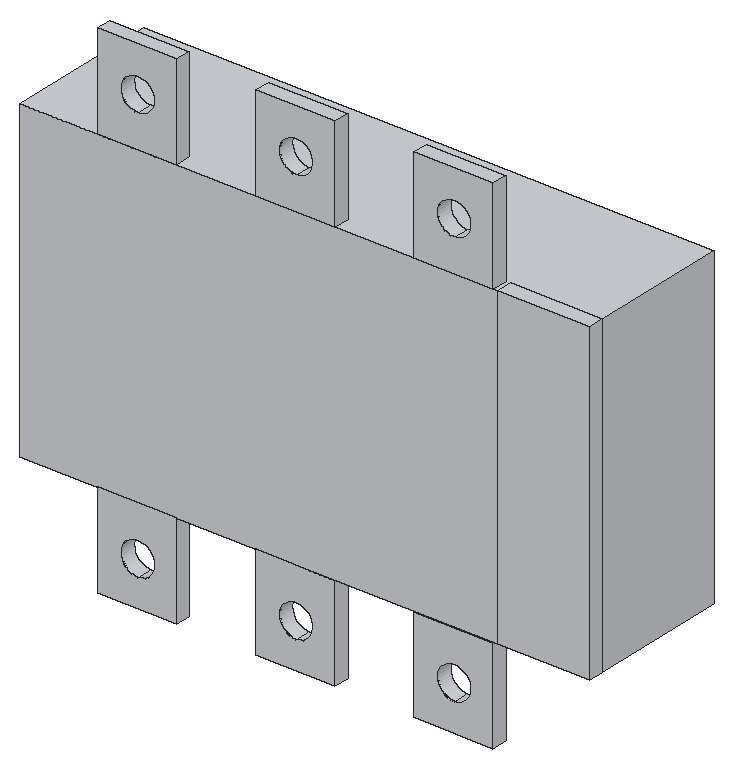
Revit family "Power-MouldedCaseDevices-GEWISS-97MSS-SWITCH_DISCONNECTOR_250_3P", category Apparecchi elettrici, host Muro, Revit 2016 (continued)
Definition of nested family "GENERICO -MSS250 SEZIONATORI ROTATIVI 250A 3P"
  Lines and regions (mm)
    model lines, not visible
      curve 717: line (252.624, -25, 188.111) -> (252.286, -25, 187.434)
      curve 718: line (252.286, -25, 187.434) -> (252.624, -25, 188.111)
      curve 719: line (255.334, -25, 171.2) -> (254.825, -25, 171.2)
      curve 720: line (254.825, -25, 171.2) -> (254.318, -25, 171.2)
      curve 721: line (254.318, -25, 171.2) -> (254.825, -25, 171.2)
      curve 722: line (254.825, -25, 171.2) -> (255.334, -25, 171.2)
      curve 723: line (256.18, -25, 171.2) -> (255.334, -25, 171.2)
      curve 724: line (255.334, -25, 171.2) -> (256.18, -25, 171.2)
      curve 725: line (256.18, -25, 171.2) -> (256.688, -25, 171.2)
      curve 726: line (256.688, -25, 171.2) -> (256.18, -25, 171.2)
      curve 727: line (258.042, -25, 171.2) -> (256.688, -25, 171.2)
      curve 728: line (256.688, -25, 171.2) -> (258.042, -25, 171.2)
      curve 729: line (258.042, -25, 171.2) -> (258.55, -25, 171.2)
      curve 730: line (258.55, -25, 171.2) -> (258.042, -25, 171.2)
      curve 731: line (259.735, -25, 171.2) -> (258.55, -25, 171.2)
      curve 732: line (258.55, -25, 171.2) -> (259.735, -25, 171.2)
      curve 733: line (259.735, -25, 171.2) -> (260.243, -25, 171.2)
      curve 734: line (260.243, -25, 171.2) -> (259.735, -25, 171.2)
      curve 735: line (261.597, -25, 171.2) -> (260.243, -25, 171.2)
      curve 736: line (260.243, -25, 171.2) -> (261.597, -25, 171.2)
      curve 737: line (261.597, -25, 171.2) -> (262.105, -25, 171.2)
      curve 738: line (262.105, -25, 171.2) -> (261.597, -25, 171.2)
      curve 739: line (263.459, -25, 171.2) -> (263.967, -25, 171.2)
      curve 740: line (263.967, -25, 171.2) -> (263.459, -25, 171.2)
      curve 741: line (263.459, -25, 171.2) -> (262.105, -25, 171.2)
      curve 742: line (262.105, -25, 171.2) -> (263.459, -25, 171.2)
      curve 743: line (265.66, -25, 171.2) -> (265.152, -25, 171.2)
      curve 744: line (265.152, -25, 171.2) -> (265.66, -25, 171.2)
      curve 745: line (265.66, -25, 171.2) -> (265.152, -25, 171.2)
      curve 746: line (265.152, -25, 171.2) -> (265.66, -25, 171.2)
      curve 747: line (267.014, -25, 171.2) -> (267.522, -25, 171.2)
      curve 748: line (267.522, -25, 171.2) -> (267.014, -25, 171.2)
      curve 749: line (267.014, -25, 171.2) -> (265.66, -25, 171.2)
      curve 750: line (265.66, -25, 171.2) -> (267.014, -25, 171.2)
      curve 751: line (268.708, -25, 171.2) -> (269.215, -25, 171.2)
      curve 752: line (269.215, -25, 171.2) -> (268.708, -25, 171.2)
      curve 753: line (268.708, -25, 171.2) -> (267.522, -25, 171.2)
      curve 754: line (267.522, -25, 171.2) -> (268.708, -25, 171.2)
      curve 755: line (270.57, -25, 171.2) -> (271.077, -25, 171.2)
      curve 756: line (271.077, -25, 171.2) -> (270.57, -25, 171.2)
      curve 757: line (270.57, -25, 171.2) -> (269.215, -25, 171.2)
      curve 758: line (269.215, -25, 171.2) -> (270.57, -25, 171.2)
      curve 759: line (272.431, -25, 171.2) -> (272.94, -25, 171.2)
      curve 760: line (272.94, -25, 171.2) -> (272.431, -25, 171.2)
      curve 761: line (272.431, -25, 171.2) -> (271.077, -25, 171.2)
      curve 762: line (271.077, -25, 171.2) -> (272.431, -25, 171.2)
      curve 763: line (274.125, -25, 171.2) -> (272.94, -25, 171.2)
      curve 764: line (272.94, -25, 171.2) -> (274.125, -25, 171.2)
      curve 765: line (274.125, -25, 171.2) -> (274.632, -25, 171.2)
      curve 766: line (274.632, -25, 171.2) -> (274.125, -25, 171.2)
      curve 767: line (275.987, -25, 171.2) -> (276.495, -25, 171.2)
      curve 768: line (276.495, -25, 171.2) -> (275.987, -25, 171.2)
      curve 769: line (275.987, -25, 171.2) -> (274.632, -25, 171.2)
      curve 770: line (274.632, -25, 171.2) -> (275.987, -25, 171.2)
      curve 771: line (277.849, -25, 171.2) -> (278.357, -25, 171.2)
      curve 772: line (278.357, -25, 171.2) -> (277.849, -25, 171.2)
      curve 773: line (277.849, -25, 171.2) -> (276.495, -25, 171.2)
      curve 774: line (276.495, -25, 171.2) -> (277.849, -25, 171.2)
      curve 775: line (279.542, -25, 171.2) -> (278.357, -25, 171.2)
      curve 776: line (278.357, -25, 171.2) -> (279.542, -25, 171.2)
      curve 777: line (279.542, -25, 171.2) -> (282.29, -25, 171.2)
      curve 778: line (282.29, -25, 171.2) -> (279.542, -25, 171.2)
      curve 779: line (254.825, -25, 171.2) -> (254.318, -25, 171.2)
      curve 780: line (254.318, -25, 171.2) -> (254.825, -25, 171.2)
      curve 781: line (254.318, -25, 171.2) -> (252.286, -25, 171.2)
      curve 782: line (252.286, -25, 171.2) -> (254.318, -25, 171.2)
      curve 783: line (253.302, -25, 188.449) -> (282.29, -25, 188.449)
      curve 784: line (282.29, -25, 188.449) -> (253.302, -25, 188.449)
      curve 785: line (265.152, -25, 171.2) -> (263.967, -25, 171.2)
      curve 786: line (263.967, -25, 171.2) -> (265.152, -25, 171.2)
      curve 787: line (282.29, -25, 165.201) -> (282.29, -25, 141.332)
      curve 788: line (282.29, -25, 141.332) -> (282.29, -25, 165.201)
      curve 789: line (280.727, -25, 117.123) -> (279.881, -25, 116.785)
      curve 790: line (279.881, -25, 116.785) -> (276.833, -25, 116.785)
      curve 791: line (276.833, -25, 116.785) -> (279.881, -25, 116.785)
      curve 792: line (279.881, -25, 116.785) -> (280.727, -25, 117.123)
      curve 793: line (276.833, -25, 119.155) -> (279.881, -25, 119.155)
      curve 794: line (279.881, -25, 119.155) -> (276.833, -25, 119.155)
      curve 795: line (276.833, -25, 119.155) -> (275.987, -25, 118.816)
      curve 796: line (275.987, -25, 118.816) -> (276.833, -25, 119.155)
      curve 797: line (275.987, -25, 118.816) -> (275.648, -25, 117.97)
      curve 798: line (275.648, -25, 117.97) -> (275.987, -25, 118.816)
      curve 799: line (275.648, -25, 117.97) -> (275.987, -25, 117.123)
      curve 800: line (275.987, -25, 117.123) -> (275.648, -25, 117.97)
      curve 801: line (275.987, -25, 117.123) -> (276.833, -25, 116.785)
      curve 802: line (276.833, -25, 116.785) -> (275.987, -25, 117.123)
      curve 803: line (282.29, -25, 107.982) -> (282.29, -25, 97.316)
      curve 804: line (282.29, -25, 97.316) -> (282.29, -25, 107.982)
      curve 805: line (282.29, -25, 127.958) -> (282.29, -25, 138.792)
      curve 806: line (282.29, -25, 138.792) -> (282.29, -25, 127.958)
      curve 807: line (252.286, -25, 140.451) -> (282.29, -25, 140.486)
      curve 808: line (282.29, -25, 140.486) -> (282.29, -25, 171.296)
      curve 809: line (282.29, -25, 171.296) -> (282.29, -25, 140.486)
      curve 810: line (282.29, -25, 95.455) -> (282.29, -25, 73.671)
      curve 811: line (282.29, -25, 73.671) -> (282.29, -25, 95.455)
      curve 812: line (282.29, -25, 129.989) -> (282.29, -25, 105.95)
      curve 813: line (282.29, -25, 105.95) -> (282.29, -25, 129.989)
      curve 814: line (282.29, -25, 188.449) -> (282.29, -25, 171.2)
      curve 815: line (282.29, -25, 171.2) -> (282.29, -25, 188.449)
      curve 816: line (279.881, -25, 119.155) -> (280.727, -25, 118.816)
      curve 817: line (280.727, -25, 118.816) -> (279.881, -25, 119.155)
      curve 818: line (280.727, -25, 118.816) -> (281.065, -25, 117.97)
      curve 819: line (281.065, -25, 117.97) -> (280.727, -25, 118.816)
      curve 820: line (281.065, -25, 117.97) -> (280.727, -25, 117.123)
      curve 821: line (280.727, -25, 117.123) -> (281.065, -25, 117.97)
      curve 822: line (277.646, -25, 57.772) -> (276.799, -25, 57.435)
      curve 823: line (276.799, -25, 57.435) -> (273.752, -25, 57.435)
      curve 824: line (273.752, -25, 57.435) -> (276.799, -25, 57.435)
      curve 825: line (276.799, -25, 57.435) -> (277.646, -25, 57.772)
      curve 826: line (273.752, -25, 59.804) -> (276.799, -25, 59.804)
      curve 827: line (276.799, -25, 59.804) -> (273.752, -25, 59.804)
      curve 828: line (273.752, -25, 59.804) -> (272.905, -25, 59.466)
      curve 829: line (272.905, -25, 59.466) -> (273.752, -25, 59.804)
      curve 830: line (272.905, -25, 59.466) -> (272.567, -25, 58.62)
      curve 831: line (272.567, -25, 58.62) -> (272.905, -25, 59.466)
      curve 832: line (272.567, -25, 58.62) -> (272.905, -25, 57.772)
      curve 833: line (272.905, -25, 57.772) -> (272.567, -25, 58.62)
      curve 834: line (272.905, -25, 57.772) -> (273.752, -25, 57.435)
      curve 835: line (273.752, -25, 57.435) -> (272.905, -25, 57.772)
      curve 836: line (276.799, -25, 59.804) -> (277.646, -25, 59.466)
      curve 837: line (277.646, -25, 59.466) -> (276.799, -25, 59.804)
      curve 838: line (277.646, -25, 59.466) -> (277.984, -25, 58.62)
      curve 839: line (277.984, -25, 58.62) -> (277.646, -25, 59.466)
      curve 840: line (277.984, -25, 58.62) -> (277.646, -25, 57.772)
      curve 841: line (277.646, -25, 57.772) -> (277.984, -25, 58.62)
      curve 842: line (262.523, -25, 101.75) -> (262.429, -25, 101.226)
      curve 843: line (262.429, -25, 101.226) -> (262.47, -25, 100.879)
      curve 844: line (262.47, -25, 100.879) -> (262.429, -25, 101.226)
      curve 845: line (262.429, -25, 101.226) -> (262.523, -25, 101.75)
      curve 846: line (262.47, -25, 100.879) -> (262.588, -25, 100.551)
      curve 847: line (262.588, -25, 100.551) -> (262.47, -25, 100.879)
      curve 848: line (262.588, -25, 100.551) -> (262.771, -25, 100.25)
      curve 849: line (262.771, -25, 100.25) -> (262.588, -25, 100.551)
      curve 850: line (262.771, -25, 100.25) -> (263.282, -25, 99.727)
      curve 851: line (263.282, -25, 99.727) -> (262.771, -25, 100.25)
      curve 852: line (263.282, -25, 99.727) -> (263.899, -25, 99.333)
      curve 853: line (263.899, -25, 99.333) -> (263.282, -25, 99.727)
      curve 854: line (263.899, -25, 99.333) -> (264.575, -25, 99.034)
      curve 855: line (264.575, -25, 99.034) -> (263.899, -25, 99.333)
      curve 856: line (264.575, -25, 99.034) -> (265.287, -25, 98.811)
      curve 857: line (265.287, -25, 98.811) -> (264.575, -25, 99.034)
      curve 858: line (265.287, -25, 98.811) -> (266.009, -25, 98.657)
      curve 859: line (266.009, -25, 98.657) -> (265.287, -25, 98.811)
      curve 860: line (266.009, -25, 98.657) -> (266.744, -25, 98.564)
      curve 861: line (266.744, -25, 98.564) -> (266.009, -25, 98.657)
      curve 862: line (266.744, -25, 98.564) -> (267.897, -25, 98.528)
      curve 863: line (267.897, -25, 98.528) -> (266.744, -25, 98.564)
      curve 864: line (267.897, -25, 98.528) -> (269.05, -25, 98.628)
      curve 865: line (269.05, -25, 98.628) -> (267.897, -25, 98.528)
      curve 866: line (269.05, -25, 98.628) -> (270.184, -25, 98.869)
      curve 867: line (270.184, -25, 98.869) -> (269.05, -25, 98.628)
      curve 868: line (270.184, -25, 98.869) -> (270.695, -25, 99.04)
      curve 869: line (270.695, -25, 99.04) -> (270.184, -25, 98.869)
      curve 870: line (270.695, -25, 99.04) -> (271.196, -25, 99.252)
      curve 871: line (271.196, -25, 99.252) -> (270.695, -25, 99.04)
      curve 872: line (271.196, -25, 99.252) -> (271.678, -25, 99.515)
      curve 873: line (271.678, -25, 99.515) -> (271.196, -25, 99.252)
      curve 874: line (271.678, -25, 99.515) -> (272.113, -25, 99.845)
      curve 875: line (272.113, -25, 99.845) -> (271.678, -25, 99.515)
      curve 876: line (272.113, -25, 99.845) -> (272.478, -25, 100.239)
      curve 877: line (272.478, -25, 100.239) -> (272.113, -25, 99.845)
      curve 878: line (272.478, -25, 100.239) -> (272.73, -25, 100.703)
      curve 879: line (272.73, -25, 100.703) -> (272.478, -25, 100.239)
      curve 880: line (272.73, -25, 100.703) -> (272.83, -25, 101.226)
      curve 881: line (272.83, -25, 101.226) -> (272.73, -25, 100.703)
      curve 882: line (272.83, -25, 101.226) -> (272.789, -25, 101.574)
      curve 883: line (272.789, -25, 101.574) -> (272.83, -25, 101.226)
      curve 884: line (272.789, -25, 101.574) -> (272.672, -25, 101.897)
      curve 885: line (272.672, -25, 101.897) -> (272.789, -25, 101.574)
      curve 886: line (272.672, -25, 101.897) -> (272.489, -25, 102.197)
      curve 887: line (272.489, -25, 102.197) -> (272.672, -25, 101.897)
      curve 888: line (272.489, -25, 102.197) -> (271.977, -25, 102.721)
      curve 889: line (271.977, -25, 102.721) -> (272.489, -25, 102.197)
      curve 890: line (271.977, -25, 102.721) -> (271.354, -25, 103.12)
      curve 891: line (271.354, -25, 103.12) -> (271.977, -25, 102.721)
      curve 892: line (271.354, -25, 103.12) -> (270.679, -25, 103.42)
      curve 893: line (270.679, -25, 103.42) -> (271.354, -25, 103.12)
      curve 894: line (270.679, -25, 103.42) -> (269.973, -25, 103.636)
      curve 895: line (269.973, -25, 103.636) -> (270.679, -25, 103.42)
      curve 896: line (269.973, -25, 103.636) -> (269.249, -25, 103.797)
      curve 897: line (269.249, -25, 103.797) -> (269.973, -25, 103.636)
      curve 898: line (269.249, -25, 103.797) -> (268.514, -25, 103.884)
      curve 899: line (268.514, -25, 103.884) -> (269.249, -25, 103.797)
      curve 900: line (268.514, -25, 103.884) -> (267.357, -25, 103.919)
      curve 901: line (267.357, -25, 103.919) -> (268.514, -25, 103.884)
      curve 902: line (267.357, -25, 103.919) -> (266.204, -25, 103.825)
      curve 903: line (266.204, -25, 103.825) -> (267.357, -25, 103.919)
      curve 904: line (266.204, -25, 103.825) -> (265.075, -25, 103.583)
      curve 905: line (265.075, -25, 103.583) -> (266.204, -25, 103.825)
      curve 906: line (265.075, -25, 103.583) -> (264.557, -25, 103.414)
      curve 907: line (264.557, -25, 103.414) -> (265.075, -25, 103.583)
      curve 908: line (264.557, -25, 103.414) -> (264.058, -25, 103.195)
      curve 909: line (264.058, -25, 103.195) -> (264.557, -25, 103.414)
      curve 910: line (264.058, -25, 103.195) -> (263.582, -25, 102.932)
      curve 911: line (263.582, -25, 102.932) -> (264.058, -25, 103.195)
      curve 912: line (263.582, -25, 102.932) -> (263.146, -25, 102.608)
      curve 913: line (263.146, -25, 102.608) -> (263.582, -25, 102.932)
      curve 914: line (263.146, -25, 102.608) -> (262.782, -25, 102.213)
      curve 915: line (262.782, -25, 102.213) -> (263.146, -25, 102.608)
      curve 916: line (262.782, -25, 102.213) -> (262.523, -25, 101.75)
      curve 917: line (262.523, -25, 101.75) -> (262.782, -25, 102.213)
      curve 918: line (267.727, -25, 99.726) -> (267.462, -25, 99.726)
      curve 919: line (267.462, -25, 99.726) -> (267.727, -25, 99.726)
      curve 920: line (267.727, -25, 99.726) -> (267.727, -25, 102.372)
      curve 921: line (267.727, -25, 102.372) -> (267.727, -25, 99.726)
      curve 922: line (268.723, -25, 102.372) -> (267.727, -25, 102.372)
      curve 923: line (267.727, -25, 102.372) -> (268.723, -25, 102.372)
      curve 924: line (268.723, -25, 102.372) -> (268.723, -25, 102.637)
      curve 925: line (268.723, -25, 102.637) -> (268.723, -25, 102.372)
      curve 926: line (268.723, -25, 102.637) -> (266.474, -25, 102.637)
      curve 927: line (266.474, -25, 102.637) -> (268.723, -25, 102.637)
      curve 928: line (267.462, -25, 99.726) -> (267.462, -25, 102.372)
      curve 929: line (267.462, -25, 102.372) -> (266.474, -25, 102.372)
      curve 930: line (266.474, -25, 102.372) -> (266.474, -25, 102.637)
      curve 931: line (266.474, -25, 102.637) -> (266.474, -25, 102.372)
      curve 932: line (266.474, -25, 102.372) -> (267.462, -25, 102.372)
      curve 933: line (267.462, -25, 102.372) -> (267.462, -25, 99.726)
      curve 934: line (263.353, -25, 136.984) -> (263.468, -25, 137.1)
      curve 935: line (256.854, -25, 137.1) -> (257.784, -25, 137.028)
      curve 936: line (257.784, -25, 137.028) -> (257.712, -25, 135.904)
      curve 937: line (257.712, -25, 135.904) -> (256.204, -25, 135.832)
      curve 938: line (256.204, -25, 135.832) -> (256.204, -25, 134.013)
      curve 939: line (256.204, -25, 134.013) -> (256.587, -25, 134.013)
      curve 940: line (256.587, -25, 134.013) -> (256.587, -25, 135.449)
      curve 941: line (256.587, -25, 135.449) -> (257.712, -25, 135.521)
      curve 942: line (257.712, -25, 135.521) -> (257.712, -25, 132.745)
      curve 943: line (257.712, -25, 132.745) -> (256.854, -25, 132.745)
      curve 944: line (261.541, -25, 135.449) -> (261.469, -25, 134.324)
      curve 945: line (261.469, -25, 134.324) -> (259.363, -25, 134.252)
      curve 946: line (259.363, -25, 134.252) -> (259.363, -25, 134.013)
      curve 947: line (259.363, -25, 134.013) -> (261.469, -25, 133.941)
      curve 948: line (261.469, -25, 133.941) -> (261.529, -25, 132.778)
      curve 949: line (261.469, -25, 132.745) -> (258.166, -25, 132.817)
      curve 950: line (258.166, -25, 132.817) -> (258.166, -25, 137.028)
      curve 951: line (258.166, -25, 137.028) -> (259.961, -25, 137.028)
      curve 952: line (259.961, -25, 137.028) -> (259.961, -25, 135.975)
      curve 953: line (259.89, -25, 135.903) -> (259.363, -25, 135.832)
      curve 954: line (259.363, -25, 135.832) -> (259.435, -25, 135.521)
      curve 955: line (259.435, -25, 135.521) -> (261.469, -25, 135.521)
      curve 956: line (264.411, -25, 132.745) -> (265.562, -25, 132.8)
      curve 957: line (265.562, -25, 132.8) -> (266.348, -25, 135.904)
      curve 958: line (266.348, -25, 135.904) -> (267.643, -25, 135.975)
      curve 959: line (267.643, -25, 135.975) -> (267.571, -25, 137.1)
      curve 960: line (267.571, -25, 137.1) -> (265.333, -25, 137.045)
      curve 961: line (265.333, -25, 137.045) -> (264.915, -25, 135.257)
      curve 962: line (264.915, -25, 135.257) -> (264.555, -25, 137.1)
      curve 963: line (264.555, -25, 137.1) -> (263.926, -25, 137.1)
      curve 964: line (263.926, -25, 137.1) -> (263.362, -25, 137.04)
      curve 965: line (263.362, -25, 137.04) -> (263.072, -25, 135.257)
      curve 966: line (263.072, -25, 135.257) -> (262.584, -25, 137.1)
      curve 967: line (262.584, -25, 137.1) -> (260.344, -25, 137.028)
      curve 968: line (260.344, -25, 137.028) -> (260.344, -25, 135.975)
      curve 969: line (260.344, -25, 135.975) -> (261.639, -25, 135.904)
      curve 970: line (261.639, -25, 135.904) -> (262.495, -25, 132.745)
      curve 971: line (262.495, -25, 132.745) -> (263.576, -25, 132.745)
      curve 972: line (263.576, -25, 132.745) -> (263.994, -25, 134.539)
      curve 973: line (263.994, -25, 134.539) -> (264.341, -25, 132.802)
      curve 974: line (267.643, -25, 132.817) -> (267.643, -25, 135.449)
      curve 975: line (267.643, -25, 135.449) -> (266.518, -25, 135.521)
      curve 976: line (266.518, -25, 135.521) -> (266.446, -25, 132.817)
      curve 977: line (266.446, -25, 132.817) -> (267.571, -25, 132.745)
      curve 978: line (268.026, -25, 137.028) -> (268.098, -25, 134.324)
      curve 979: line (268.098, -25, 134.324) -> (270.132, -25, 134.324)
      curve 980: line (270.132, -25, 134.324) -> (270.132, -25, 133.941)
      curve 981: line (270.132, -25, 133.941) -> (268.026, -25, 133.869)
      curve 982: line (268.026, -25, 133.869) -> (268.026, -25, 132.817)
      curve 983: line (268.026, -25, 132.817) -> (271.328, -25, 132.745)
      curve 984: line (271.328, -25, 132.745) -> (271.328, -25, 135.521)
      curve 985: line (271.328, -25, 135.521) -> (269.222, -25, 135.592)
      curve 986: line (269.222, -25, 135.592) -> (269.222, -25, 135.832)
      curve 987: line (269.222, -25, 135.832) -> (271.328, -25, 135.904)
      curve 988: line (271.328, -25, 135.904) -> (271.4, -25, 137.028)
      curve 989: line (271.4, -25, 137.028) -> (268.098, -25, 137.1)
      curve 990: line (274.752, -25, 135.521) -> (272.979, -25, 135.592)
      curve 991: line (272.979, -25, 135.592) -> (273.05, -25, 135.904)
      curve 992: line (273.05, -25, 135.904) -> (274.536, -25, 135.904)
      curve 993: line (272.713, -25, 137.1) -> (271.783, -25, 137.028)
      curve 994: line (271.783, -25, 137.028) -> (271.855, -25, 134.324)
      curve 995: line (271.855, -25, 134.324) -> (273.742, -25, 134.324)
      curve 996: line (273.742, -25, 134.324) -> (273.742, -25, 133.941)
      curve 997: line (273.742, -25, 133.941) -> (271.783, -25, 133.869)
      curve 998: line (271.783, -25, 133.869) -> (271.783, -25, 132.815)
      curve 999: line (271.783, -25, 132.815) -> (272.713, -25, 132.745)
      curve 1000: line (252.286, -25, 131.034) -> (282.29, -25, 131.034)
      curve 1001: line (272.157, -25, 128.645) -> (275.031, -25, 125.706)
      curve 1002: line (271.639, -25, 128.139) -> (274.513, -25, 125.2)
      curve 1003: line (271.69, -25, 36.478) -> (270.839, -25, 36.974)
      curve 1004: line (270.839, -25, 36.974) -> (274.856, -25, 43.861)
      curve 1005: line (274.856, -25, 43.861) -> (275.707, -25, 43.365)
      curve 1006: line (275.707, -25, 43.365) -> (277.986, -25, 37.827)
      curve 1007: line (277.986, -25, 37.827) -> (271.69, -25, 36.478)
      curve 1008: line (271.69, -25, 36.478) -> (275.707, -25, 43.365)
      curve 1011: arc (326.596, -49, 158.938) -> (326.743, -49, 158.585) -> (327.096, -49, 158.438) r 0.5
      curve 1068: line (536.596, -49, 263.438) -> (536.596, -49, 158.438)
      curve 1069: line (536.596, -49, 158.438) -> (536.596, -49, -0.812)
      curve 1070: line (536.596, -49, -0.812) -> (326.596, -49, -0.812)
      curve 1071: line (326.596, -49, -0.812) -> (326.596, -49, 158.438)
      curve 1072: line (326.596, -49, 158.438) -> (326.596, -49, 263.438)
      curve 1075: line (536.596, -49, 92.688) -> (326.596, -49, 92.688)
      curve 1078: line (536.596, -49, 263.438) -> (536.597, -49, 405.189)
      curve 1079: line (536.597, -49, 405.189) -> (326.597, -49, 405.189)
      curve 1080: line (326.597, -49, 405.189) -> (326.596, -49, 263.438)
    model lines, not visible, detail levels medium+fine
      curve 1009: circle (464.294, -49, 177.438) r 4.5 normal (0, -1, 0)
      curve 1010: circle (464.294, -49, 177.438) r 3 normal (0, -1, 0)
      curve 1059: line (361.596, -49, 158.438) -> (501.596, -49, 158.438)
      curve 1060: line (501.596, -49, 158.438) -> (501.596, -49, 263.438)
      curve 1061: line (501.596, -49, 263.438) -> (361.596, -49, 263.438)
      curve 1062: line (361.596, -49, 263.438) -> (361.596, -49, 158.438)
      curve 1063: line (463.544, -49, 213.938) -> (465.044, -49, 213.938)
      curve 1064: line (465.044, -49, 213.938) -> (465.044, -49, 222.938)
      curve 1065: line (465.044, -49, 222.938) -> (463.544, -49, 222.938)
      curve 1066: line (463.544, -49, 222.938) -> (463.544, -49, 213.938)
      curve 1067: line (503.846, -49, 263.438) -> (536.596, -49, 263.438)
      curve 1073: line (359.846, -49, 135.688) -> (359.846, -49, 158.438)
      curve 1074: line (536.596, -49, 136.688) -> (326.596, -49, 136.688)
      curve 1076: line (503.846, -49, 158.438) -> (536.596, -49, 158.438)
      curve 1077: line (536.597, -49, 311.688) -> (326.597, -49, 311.688)
      curve 1081: line (326.596, -49, 263.438) -> (359.846, -49, 263.438)
      curve 1082: line (359.846, -49, 263.438) -> (359.846, -49, 158.438)
      curve 1083: line (359.846, -49, 158.438) -> (327.096, -49, 158.438)
      curve 1084: line (359.846, -49, 263.438) -> (359.847, -49, 311.688)
      curve 1085: line (503.846, -49, 136.688) -> (503.846, -49, 311.688)
    model lines, not visible, detail levels fine
      curve 1012: arc (367.288, -49, 261.227) -> (363.474, -49, 257.413) -> (367.288, -49, 253.598) r 3.815
      curve 1013: arc (368.791, -49, 253.598) -> (368.88, -49, 253.635) -> (368.917, -49, 253.724) r 0.126
      curve 1014: arc (366.276, -49, 259.131) -> (366.187, -49, 259.095) -> (366.15, -49, 259.006) r 0.126
      curve 1015: arc (366.15, -49, 255.82) -> (366.187, -49, 255.731) -> (366.276, -49, 255.694) r 0.126
      curve 1016: arc (366.695, -49, 255.694) -> (366.784, -49, 255.731) -> (366.821, -49, 255.82) r 0.126
      curve 1017: arc (366.947, -49, 258.461) -> (366.858, -49, 258.424) -> (366.821, -49, 258.335) r 0.126
      curve 1018: arc (368.791, -49, 259.131) -> (368.88, -49, 259.168) -> (368.917, -49, 259.257) r 0.126
      curve 1019: arc (368.917, -49, 258.335) -> (368.88, -49, 258.424) -> (368.791, -49, 258.461) r 0.126
      curve 1020: arc (369.588, -49, 253.724) -> (369.625, -49, 253.635) -> (369.714, -49, 253.598) r 0.126
      curve 1021: arc (375.373, -49, 253.598) -> (375.461, -49, 253.635) -> (375.498, -49, 253.724) r 0.126
      curve 1022: arc (375.498, -49, 255.568) -> (375.461, -49, 255.657) -> (375.373, -49, 255.694) r 0.126
      curve 1023: arc (371.684, -49, 255.82) -> (371.721, -49, 255.731) -> (371.809, -49, 255.694) r 0.126
      curve 1024: arc (372.606, -49, 259.131) -> (372.695, -49, 259.168) -> (372.732, -49, 259.257) r 0.126
      curve 1025: arc (371.809, -49, 259.131) -> (371.721, -49, 259.095) -> (371.684, -49, 259.006) r 0.126
      curve 1026: arc (375.498, -49, 258.335) -> (375.461, -49, 258.424) -> (375.373, -49, 258.461) r 0.126
      curve 1027: arc (375.373, -49, 256.365) -> (375.461, -49, 256.402) -> (375.498, -49, 256.491) r 0.126
      curve 1028: arc (371.809, -49, 256.365) -> (371.721, -49, 256.328) -> (371.684, -49, 256.239) r 0.126
      curve 1029: arc (371.684, -49, 258.586) -> (371.719, -49, 258.499) -> (371.806, -49, 258.461) r 0.126
      curve 1030: arc (373.402, -49, 259.257) -> (373.439, -49, 259.168) -> (373.528, -49, 259.131) r 0.126
      curve 1031: arc (375.794, -49, 259.034) -> (375.749, -49, 259.104) -> (375.671, -49, 259.131) r 0.126
      curve 1032: arc (377.047, -49, 253.695) -> (377.092, -49, 253.625) -> (377.17, -49, 253.598) r 0.126
      curve 1033: arc (379.063, -49, 253.598) -> (379.143, -49, 253.627) -> (379.186, -49, 253.699) r 0.126
      curve 1034: arc (386.062, -49, 259.131) -> (386.151, -49, 259.168) -> (386.188, -49, 259.257) r 0.126
      curve 1035: arc (383.919, -49, 259.131) -> (383.841, -49, 259.104) -> (383.796, -49, 259.034) r 0.126
      curve 1036: arc (382.42, -49, 253.598) -> (382.498, -49, 253.625) -> (382.542, -49, 253.695) r 0.126
      curve 1037: arc (380.404, -49, 253.699) -> (380.447, -49, 253.627) -> (380.527, -49, 253.598) r 0.126
      curve 1038: arc (384.217, -49, 258.461) -> (384.128, -49, 258.424) -> (384.092, -49, 258.335) r 0.126
      curve 1039: arc (384.092, -49, 253.724) -> (384.128, -49, 253.635) -> (384.217, -49, 253.598) r 0.126
      curve 1040: arc (386.062, -49, 253.599) -> (386.151, -49, 253.635) -> (386.188, -49, 253.725) r 0.126
      curve 1041: arc (386.188, -49, 258.335) -> (386.151, -49, 258.424) -> (386.062, -49, 258.461) r 0.126
      curve 1042: arc (392.643, -49, 259.131) -> (392.732, -49, 259.168) -> (392.769, -49, 259.257) r 0.126
      curve 1043: arc (389.08, -49, 259.131) -> (388.991, -49, 259.095) -> (388.954, -49, 259.006) r 0.126
      curve 1044: arc (388.954, -49, 258.586) -> (388.991, -49, 258.497) -> (389.08, -49, 258.461) r 0.126
      curve 1045: arc (386.858, -49, 253.724) -> (386.895, -49, 253.635) -> (386.984, -49, 253.598) r 0.126
      curve 1046: arc (386.984, -49, 255.694) -> (386.895, -49, 255.657) -> (386.858, -49, 255.568) r 0.126
      curve 1047: arc (390.547, -49, 255.694) -> (390.636, -49, 255.731) -> (390.673, -49, 255.82) r 0.126
      curve 1048: arc (392.769, -49, 258.335) -> (392.732, -49, 258.424) -> (392.643, -49, 258.461) r 0.126
      curve 1049: arc (392.643, -49, 253.598) -> (392.732, -49, 253.635) -> (392.769, -49, 253.724) r 0.126
      curve 1050: arc (386.858, -49, 256.491) -> (386.895, -49, 256.402) -> (386.984, -49, 256.365) r 0.126
      curve 1051: arc (390.673, -49, 256.239) -> (390.635, -49, 256.329) -> (390.545, -49, 256.365) r 0.126
      curve 1052: arc (395.068, -49, 253.598) -> (398.084, -49, 255.077) -> (398.762, -49, 258.366) r 3.815
      curve 1053: arc (395.535, -49, 258.586) -> (395.572, -49, 258.497) -> (395.661, -49, 258.461) r 0.126
      curve 1054: arc (396.997, -49, 256.239) -> (396.96, -49, 256.328) -> (396.871, -49, 256.365) r 0.126
      curve 1055: arc (396.871, -49, 255.694) -> (396.96, -49, 255.731) -> (396.997, -49, 255.82) r 0.126
      curve 1056: arc (398.372, -49, 259.32) -> (396.976, -49, 260.716) -> (395.069, -49, 261.227) r 3.815
      curve 1057: arc (398.266, -49, 259.131) -> (398.373, -49, 259.196) -> (398.372, -49, 259.32) r 0.126
      curve 1058: arc (398.762, -49, 258.366) -> (398.717, -49, 258.434) -> (398.641, -49, 258.461) r 0.126
      curve 1086: line (378.672, -49, 261.024) -> (378.875, -49, 261.227)
      curve 1087: line (367.288, -49, 261.227) -> (368.917, -49, 261.102)
      curve 1088: line (368.917, -49, 261.102) -> (368.791, -49, 259.131)
      curve 1089: line (368.791, -49, 259.131) -> (366.15, -49, 259.006)
      curve 1090: line (366.15, -49, 259.006) -> (366.15, -49, 255.82)
      curve 1091: line (366.15, -49, 255.82) -> (366.821, -49, 255.82)
      curve 1092: line (366.821, -49, 255.82) -> (366.821, -49, 258.335)
      curve 1093: line (366.821, -49, 258.335) -> (368.791, -49, 258.461)
      curve 1094: line (368.791, -49, 258.461) -> (368.791, -49, 253.598)
      curve 1095: line (368.791, -49, 253.598) -> (367.288, -49, 253.598)
      curve 1096: line (375.498, -49, 258.335) -> (375.373, -49, 256.365)
      curve 1097: line (375.373, -49, 256.365) -> (371.684, -49, 256.239)
      curve 1098: line (371.684, -49, 256.239) -> (371.684, -49, 255.82)
      curve 1099: line (371.684, -49, 255.82) -> (375.373, -49, 255.694)
      curve 1100: line (375.373, -49, 255.694) -> (375.439, -49, 253.617)
      curve 1101: line (375.479, -49, 253.657) -> (369.588, -49, 253.724)
      curve 1102: line (369.588, -49, 253.724) -> (369.588, -49, 261.102)
      curve 1103: line (369.588, -49, 261.102) -> (372.732, -49, 261.102)
      curve 1104: line (372.732, -49, 261.102) -> (372.732, -49, 259.257)
      curve 1105: line (372.732, -49, 259.257) -> (372.606, -49, 259.131)
      curve 1106: line (372.606, -49, 259.131) -> (371.684, -49, 259.006)
      curve 1107: line (371.684, -49, 259.006) -> (371.809, -49, 258.461)
      curve 1108: line (371.806, -49, 258.461) -> (375.373, -49, 258.461)
      curve 1109: line (380.527, -49, 253.598) -> (382.542, -49, 253.695)
      curve 1110: line (382.542, -49, 253.695) -> (383.919, -49, 259.131)
      curve 1111: line (383.919, -49, 259.131) -> (386.188, -49, 259.257)
      curve 1112: line (386.188, -49, 259.257) -> (386.062, -49, 261.227)
      curve 1113: line (386.062, -49, 261.227) -> (382.141, -49, 261.13)
      curve 1114: line (382.141, -49, 261.13) -> (381.409, -49, 258)
      curve 1115: line (381.409, -49, 258) -> (380.778, -49, 261.227)
      curve 1116: line (380.778, -49, 261.227) -> (379.676, -49, 261.227)
      curve 1117: line (379.676, -49, 261.227) -> (378.688, -49, 261.122)
      curve 1118: line (378.688, -49, 261.122) -> (378.181, -49, 258)
      curve 1119: line (378.181, -49, 258) -> (377.327, -49, 261.227)
      curve 1120: line (377.327, -49, 261.227) -> (373.402, -49, 261.102)
      curve 1121: line (373.402, -49, 261.102) -> (373.402, -49, 259.257)
      curve 1122: line (373.402, -49, 259.257) -> (375.671, -49, 259.131)
      curve 1123: line (375.671, -49, 259.131) -> (377.17, -49, 253.598)
      curve 1124: line (377.17, -49, 253.598) -> (379.063, -49, 253.598)
      curve 1125: line (379.063, -49, 253.598) -> (379.795, -49, 256.742)
      curve 1126: line (379.795, -49, 256.742) -> (380.404, -49, 253.699)
      curve 1127: line (386.188, -49, 253.725) -> (386.188, -49, 258.335)
      curve 1128: line (386.188, -49, 258.335) -> (384.217, -49, 258.461)
      curve 1129: line (384.217, -49, 258.461) -> (384.092, -49, 253.724)
      curve 1130: line (384.092, -49, 253.724) -> (386.062, -49, 253.599)
      curve 1131: line (390.673, -49, 256.239) -> (390.547, -49, 255.694)
      curve 1132: line (390.547, -49, 255.694) -> (386.858, -49, 255.568)
      curve 1133: line (386.858, -49, 255.568) -> (386.858, -49, 253.724)
      curve 1134: line (386.858, -49, 253.724) -> (392.643, -49, 253.598)
      curve 1135: line (392.643, -49, 253.598) -> (392.643, -49, 258.461)
      curve 1136: line (392.643, -49, 258.461) -> (388.954, -49, 258.586)
      curve 1137: line (388.954, -49, 258.586) -> (388.954, -49, 259.006)
      curve 1138: line (388.954, -49, 259.006) -> (392.643, -49, 259.131)
      curve 1139: line (392.643, -49, 259.131) -> (392.769, -49, 261.102)
      curve 1140: line (392.769, -49, 261.102) -> (386.984, -49, 261.227)
      curve 1141: line (386.858, -49, 261.101) -> (386.984, -49, 256.365)
      curve 1142: line (386.984, -49, 256.365) -> (390.545, -49, 256.365)
      curve 1143: line (398.641, -49, 258.461) -> (395.535, -49, 258.586)
      curve 1144: line (395.535, -49, 258.586) -> (395.659, -49, 259.131)
      curve 1145: line (395.659, -49, 259.131) -> (398.266, -49, 259.131)
      curve 1146: line (395.069, -49, 261.227) -> (393.44, -49, 261.102)
      curve 1147: line (393.44, -49, 261.102) -> (393.565, -49, 256.365)
      curve 1148: line (393.565, -49, 256.365) -> (396.871, -49, 256.365)
      curve 1149: line (396.871, -49, 256.365) -> (396.871, -49, 255.694)
      curve 1150: line (396.871, -49, 255.694) -> (393.44, -49, 255.568)
      curve 1151: line (393.44, -49, 255.568) -> (393.44, -49, 253.722)
      curve 1152: line (393.44, -49, 253.722) -> (395.068, -49, 253.598)
      curve 1153: arc (393.44, -49, 256.491) -> (393.476, -49, 256.402) -> (393.565, -49, 256.365) r 0.126
      curve 1154: arc (393.565, -49, 255.694) -> (393.476, -49, 255.657) -> (393.44, -49, 255.568) r 0.126
      curve 1155: arc (393.44, -49, 253.722) -> (393.476, -49, 253.634) -> (393.563, -49, 253.598) r 0.124
      curve 1156: arc (395.659, -49, 259.131) -> (395.572, -49, 259.095) -> (395.535, -49, 259.008) r 0.124
      curve 1157: arc (393.565, -49, 261.227) -> (393.476, -49, 261.19) -> (393.44, -49, 261.102) r 0.126
      curve 1158: arc (392.769, -49, 261.102) -> (392.732, -49, 261.19) -> (392.643, -49, 261.227) r 0.126
      curve 1159: arc (386.984, -49, 261.227) -> (386.895, -49, 261.191) -> (386.858, -49, 261.101) r 0.126
      curve 1160: arc (373.528, -49, 261.227) -> (373.439, -49, 261.19) -> (373.402, -49, 261.102) r 0.126
      curve 1161: arc (377.449, -49, 261.13) -> (377.405, -49, 261.2) -> (377.327, -49, 261.227) r 0.126
      curve 1162: arc (378.812, -49, 261.227) -> (378.731, -49, 261.197) -> (378.688, -49, 261.122) r 0.126
      curve 1163: arc (380.902, -49, 261.122) -> (380.859, -49, 261.197) -> (380.778, -49, 261.227) r 0.126
      curve 1164: arc (382.263, -49, 261.227) -> (382.185, -49, 261.2) -> (382.141, -49, 261.13) r 0.126
      curve 1165: arc (386.188, -49, 261.102) -> (386.151, -49, 261.19) -> (386.062, -49, 261.227) r 0.126
      curve 1166: arc (369.714, -49, 261.227) -> (369.625, -49, 261.19) -> (369.588, -49, 261.102) r 0.126
      curve 1167: arc (372.732, -49, 261.102) -> (372.695, -49, 261.19) -> (372.606, -49, 261.227) r 0.126
      curve 1168: arc (368.917, -49, 261.102) -> (368.88, -49, 261.19) -> (368.791, -49, 261.227) r 0.126
    model lines, detail levels fine
      curve 1169: line (-59.611, -49, 45.196) -> (-59.611, -49, 37.559)
      curve 1170: line (-59.611, -49, 37.559) -> (-62.17, -49, 37.559)
      curve 1171: line (-62.17, -49, 37.559) -> (-63.654, -49, 37.745)
      curve 1172: line (-63.654, -49, 37.745) -> (-65.47, -49, 38.549)
      curve 1173: line (-65.47, -49, 38.549) -> (-66.911, -49, 39.887)
      curve 1174: line (-66.911, -49, 39.887) -> (-67.866, -49, 41.691)
      curve 1175: line (-67.866, -49, 41.691) -> (-68.162, -49, 43.611)
      curve 1176: line (-68.162, -49, 43.611) -> (-67.876, -49, 45.382)
      curve 1177: line (-67.876, -49, 45.382) -> (-67.109, -49, 46.944)
      curve 1178: line (-67.109, -49, 46.944) -> (-65.733, -49, 48.37)
      curve 1179: line (-65.733, -49, 48.37) -> (-64.068, -49, 49.235)
      curve 1180: line (-64.068, -49, 49.235) -> (-62.195, -49, 49.544)
      curve 1181: line (-62.195, -49, 49.544) -> (-59.611, -49, 49.544)
      curve 1182: line (-59.611, -49, 49.544) -> (-59.611, -49, 46.251)
      curve 1183: line (-59.611, -49, 46.251) -> (-63.957, -49, 46.251)
      curve 1184: line (-63.957, -49, 46.251) -> (-63.957, -49, 40.851)
      curve 1185: line (-63.957, -49, 40.851) -> (-62.899, -49, 40.851)
      curve 1186: line (-62.899, -49, 40.851) -> (-62.899, -49, 45.196)
      curve 1187: line (-62.899, -49, 45.196) -> (-59.611, -49, 45.196)
      curve 1188: line (-49.272, -49, 37.559) -> (-58.557, -49, 37.559)
      curve 1189: line (-58.557, -49, 37.559) -> (-58.557, -49, 49.544)
      curve 1190: line (-58.557, -49, 49.544) -> (-53.618, -49, 49.544)
      curve 1191: line (-53.618, -49, 49.544) -> (-53.618, -49, 46.251)
      curve 1192: line (-53.618, -49, 46.251) -> (-55.266, -49, 46.251)
      curve 1193: line (-55.266, -49, 46.251) -> (-55.266, -49, 45.198)
      curve 1194: line (-55.266, -49, 45.198) -> (-49.272, -49, 45.198)
      curve 1195: line (-49.272, -49, 45.198) -> (-49.272, -49, 41.904)
      curve 1196: line (-49.272, -49, 41.904) -> (-55.264, -49, 41.904)
      curve 1197: line (-55.264, -49, 41.904) -> (-55.264, -49, 40.851)
      curve 1198: line (-55.264, -49, 40.851) -> (-49.272, -49, 40.851)
      curve 1199: line (-49.272, -49, 40.851) -> (-49.272, -49, 37.559)
      curve 1200: line (-32.48, -49, 37.559) -> (-32.48, -49, 45.197)
      curve 1201: line (-32.48, -49, 45.197) -> (-35.772, -49, 45.197)
      curve 1202: line (-35.772, -49, 45.197) -> (-35.772, -49, 37.559)
      curve 1203: line (-35.772, -49, 37.559) -> (-32.48, -49, 37.559)
      curve 1204: line (-43.51, -49, 37.559) -> (-42.522, -49, 42.498)
      curve 1205: line (-42.522, -49, 42.498) -> (-41.534, -49, 37.559)
      curve 1206: line (-41.534, -49, 37.559) -> (-38.242, -49, 37.559)
      curve 1207: line (-38.242, -49, 37.559) -> (-36.2, -49, 46.251)
      curve 1208: line (-36.2, -49, 46.251) -> (-32.48, -49, 46.251)
      curve 1209: line (-32.48, -49, 46.251) -> (-32.48, -49, 49.544)
      curve 1210: line (-32.48, -49, 49.544) -> (-38.802, -49, 49.544)
      curve 1211: line (-38.802, -49, 49.544) -> (-39.987, -49, 44.473)
      curve 1212: line (-39.987, -49, 44.473) -> (-40.81, -49, 49.544)
      curve 1213: line (-40.81, -49, 49.544) -> (-44.234, -49, 49.544)
      curve 1214: line (-44.234, -49, 49.544) -> (-45.057, -49, 44.473)
      curve 1215: line (-45.057, -49, 44.473) -> (-46.243, -49, 49.544)
      curve 1216: line (-46.243, -49, 49.544) -> (-52.565, -49, 49.544)
      curve 1217: line (-52.565, -49, 49.544) -> (-52.565, -49, 46.251)
      curve 1218: line (-52.565, -49, 46.251) -> (-48.844, -49, 46.251)
      curve 1219: line (-48.844, -49, 46.251) -> (-46.807, -49, 37.559)
      curve 1220: line (-46.807, -49, 37.559) -> (-43.51, -49, 37.559)
      curve 1221: line (-22.141, -49, 49.544) -> (-31.426, -49, 49.544)
      curve 1222: line (-31.426, -49, 49.544) -> (-31.426, -49, 41.905)
      curve 1223: line (-31.426, -49, 41.905) -> (-25.434, -49, 41.905)
      curve 1224: line (-25.434, -49, 41.905) -> (-25.434, -49, 40.851)
      curve 1225: line (-25.434, -49, 40.851) -> (-31.426, -49, 40.851)
      curve 1226: line (-31.426, -49, 40.851) -> (-31.426, -49, 37.559)
      curve 1227: line (-31.426, -49, 37.559) -> (-22.141, -49, 37.559)
      curve 1228: line (-22.141, -49, 37.559) -> (-22.141, -49, 45.197)
      curve 1229: line (-22.141, -49, 45.197) -> (-28.134, -49, 45.197)
      curve 1230: line (-28.134, -49, 45.197) -> (-28.134, -49, 46.251)
      curve 1231: line (-28.134, -49, 46.251) -> (-22.141, -49, 46.251)
      curve 1232: line (-22.141, -49, 46.251) -> (-22.141, -49, 49.544)
      curve 1233: line (-21.087, -49, 49.544) -> (-21.087, -49, 41.905)
      curve 1234: line (-21.087, -49, 41.905) -> (-15.499, -49, 41.905)
      curve 1235: line (-15.499, -49, 41.905) -> (-15.499, -49, 40.851)
      curve 1236: line (-15.499, -49, 40.851) -> (-21.087, -49, 40.851)
      curve 1237: line (-21.087, -49, 40.851) -> (-21.087, -49, 37.559)
      curve 1238: line (-21.087, -49, 37.559) -> (-17.795, -49, 37.559)
      curve 1239: line (-17.795, -49, 37.559) -> (-15.893, -49, 38.169)
      curve 1240: line (-15.893, -49, 38.169) -> (-14.666, -49, 38.97)
      curve 1241: line (-14.666, -49, 38.97) -> (-13.261, -49, 40.694)
      curve 1242: line (-13.261, -49, 40.694) -> (-12.607, -49, 42.628)
      curve 1243: line (-12.607, -49, 42.628) -> (-12.589, -49, 44.344)
      curve 1244: line (-12.589, -49, 44.344) -> (-12.767, -49, 45.197)
      curve 1245: line (-12.767, -49, 45.197) -> (-17.795, -49, 45.197)
      curve 1246: line (-17.795, -49, 45.197) -> (-17.795, -49, 46.251)
      curve 1247: line (-17.795, -49, 46.251) -> (-13.215, -49, 46.251)
      curve 1248: line (-13.215, -49, 46.251) -> (-13.81, -49, 47.246)
      curve 1249: line (-13.81, -49, 47.246) -> (-14.667, -49, 48.133)
      curve 1250: line (-14.667, -49, 48.133) -> (-15.858, -49, 48.916)
      curve 1251: line (-15.858, -49, 48.916) -> (-17.103, -49, 49.372)
      curve 1252: line (-17.103, -49, 49.372) -> (-18.503, -49, 49.544)
      curve 1253: line (-18.503, -49, 49.544) -> (-21.087, -49, 49.544)
  Dimensions and locks
    equal spacing: plane 5, plane 3 "Centro (Sinistra/Destra)", plane 4
    "A": plane 5 to plane 4
    "C1": plane 11 "C1" to plane 1 "Centro (Fronte/Retro)"
    locked: plane 11 "C1" to plane 12 at 5
    plane 9 to plane 4 = 11 mm
    locked: plane 10 to plane 9 at 49
    locked: plane 8 to plane 7 at 49
    plane 13 to level = 30 mm
    "B": plane 6 to plane 13
    locked: plane 7 to plane 13 at 45
    locked: plane 14 to plane 1 "Centro (Fronte/Retro)" at 5
    locked: Extrusion 4 to plane 11 "C1" at 3.053
    aligned and locked: level to plane 2
    aligned and locked: plane 5 to Extrusion 1 sketch curve
    aligned and locked: plane 6 to Extrusion 1 sketch curve
    aligned and locked: Extrusion 1 to plane 11 "C1"
    aligned and locked: Extrusion 1 to plane 1 "Centro (Fronte/Retro)"
    aligned and locked: Extrusion 2 sketch curve to plane 8
    aligned and locked: Extrusion 2 sketch curve to plane 9
    aligned and locked: plane 7 to Extrusion 2 sketch curve
    aligned and locked: plane 10 to Extrusion 2 sketch curve
    aligned and locked: plane 12 to cut or joined group of Extrusion 1, Extrusion 2
    aligned and locked: plane 13 to Extrusion 1 sketch curve
    aligned and locked: Extrusion 3 to plane 1 "Centro (Fronte/Retro)"
    aligned and locked: plane 14 to Extrusion 3
    aligned and locked: plane 12 to Extrusion 4
  Automatic sketch dimensions
    Extrusion 3 sketch curve to level = 0 mm  (x3)
    Extrusion 3 sketch curve to plane 4 = 0 mm
    Extrusion 3 sketch curve to plane 13 = 0 mm  (x4)
    Extrusion 3 sketch curve to plane 6 = 0 mm  (x4)
    plane 10 to Extrusion 3 sketch curve = 3.694 mm  (x2)
    level to Extrusion 3 sketch curve = 14.282 mm  (x3)
    plane 9 to Extrusion 3 sketch curve = 2.694 mm  (x2)
    plane 6 to Extrusion 3 sketch curve = 15.718 mm  (x3)
    Extrusion 3 sketch curve to plane 10 = 8.5 mm  (x2)
    Extrusion 3 sketch curve to Extrusion 3 sketch curve = 14.282 mm  (x3)
    plane 4 to Extrusion 3 sketch curve = 1.5 mm  (x2)
    Extrusion 3 sketch curve to Extrusion 3 sketch curve = 29 mm
    plane 9 to Extrusion 3 sketch curve = 15.5 mm  (x2)
    plane 3 "Centro (Sinistra/Destra)" to Extrusion 3 sketch curve = 1 mm  (x2)
    Extrusion 3 sketch curve to Extrusion 3 sketch curve = 25 mm  (x2)
    Extrusion 3 sketch curve to Extrusion 3 sketch curve = 12.194 mm  (x2)
    Extrusion 3 sketch curve to Extrusion 3 sketch curve = 12.806 mm  (x2)
    plane 8 to Extrusion 4 sketch curve = 23.546 mm
    Extrusion 4 sketch curve to plane 10 = 23.784 mm
    Extrusion 5 sketch curve to plane 5 = 3.695 mm
    Extrusion 5 sketch curve to plane 7 = 16.5 mm
    plane 9 to Extrusion 5 sketch curve = 20 mm
    Extrusion 5 sketch curve to Extrusion 5 sketch curve = 0 mm
    Extrusion 5 sketch curve to Extrusion 5 sketch curve = 8.046 mm
    Extrusion 5 sketch curve to Extrusion 5 sketch curve = 5.216 mm
    Extrusion 5 sketch curve to plane 7 = 9.577 mm
    plane 8 to Extrusion 5 sketch curve = 8.07 mm
    Extrusion 5 sketch curve to Extrusion 5 sketch curve = 6.923 mm
    Extrusion 5 sketch curve to Extrusion 5 sketch curve = 7.43 mm
    curve 1238 to plane 13 = 7.559 mm
    curve 1188 to plane 13 = 7.559 mm
    curve 1200 to plane 13 = 7.559 mm
    curve 1204 to curve 1188 = 0 mm
    curve 1205 to curve 1204 = 0 mm
    curve 1226 to curve 1200 = 0 mm
    curve 1188 to curve 1170 = 0 mm
    plane 9 to curve 1170 = 2.33 mm
    curve 1169 to curve 1170 = 0 mm
    plane 9 to curve 1171 = 0.846 mm
    curve 1170 to curve 1171 = 0.187 mm
    curve 1239 to plane 10 = 0.393 mm
    curve 1238 to curve 1239 = 0.611 mm
    curve 1172 to plane 9 = 0.97 mm
    curve 1171 to curve 1172 = 0.804 mm
    plane 10 to curve 1240 = 0.834 mm
    curve 1239 to curve 1240 = 0.8 mm
    curve 1174 to plane 9 = 2.411 mm
    curve 1172 to curve 1174 = 1.338 mm
    plane 10 to curve 1242 = 2.239 mm
    curve 1240 to curve 1242 = 1.724 mm
    plane 9 to curve 1184 = 0.543 mm
    curve 1172 to curve 1184 = 2.302 mm
    curve 1188 to curve 1197 = 3.293 mm
    curve 1227 to curve 1224 = 3.293 mm
    plane 10 to curve 1235 = 0.001 mm
    curve 1240 to curve 1235 = 1.882 mm
    curve 1175 to plane 9 = 3.366 mm
    curve 1173 to curve 1175 = 1.804 mm
    curve 1198 to curve 1195 = 1.053 mm
    curve 1224 to curve 1223 = 1.053 mm
    curve 1235 to curve 1235 = 1.053 mm
    curve 1205 to curve 1204 = 4.939 mm
    plane 10 to curve 1243 = 2.893 mm
    curve 1241 to curve 1243 = 1.934 mm
    curve 1176 to plane 9 = 3.662 mm
    curve 1174 to curve 1176 = 1.92 mm
    plane 10 to curve 1244 = 2.911 mm
    curve 1242 to curve 1244 = 1.716 mm
    curve 1204 to curve 1212 = 1.976 mm
    curve 1204 to curve 1214 = 1.976 mm
    curve 1185 to curve 1169 = 4.346 mm
    curve 1222 to curve 1201 = 3.293 mm
    curve 1234 to curve 1245 = 3.293 mm
    curve 1223 to curve 1230 = 3.293 mm
    curve 1196 to curve 1194 = 3.294 mm
    curve 1177 to plane 9 = 3.376 mm
    curve 1175 to curve 1177 = 1.772 mm
    curve 1201 to curve 1208 = 1.053 mm
    curve 1169 to curve 1183 = 1.054 mm
    curve 1244 to curve 1247 = 1.053 mm
    curve 1229 to curve 1230 = 1.053 mm
    curve 1194 to curve 1219 = 1.053 mm
    curve 1217 to curve 1191 = 0.001 mm
    curve 1177 to plane 9 = 2.609 mm
    curve 1176 to curve 1177 = 1.562 mm
    plane 10 to curve 1248 = 1.69 mm
    curve 1247 to curve 1248 = 0.995 mm
    plane 10 to curve 1249 = 0.833 mm
    curve 1248 to curve 1249 = 0.887 mm
    curve 1179 to plane 9 = 1.233 mm
    curve 1177 to curve 1179 = 1.425 mm
    curve 1250 to plane 10 = 0.358 mm
    curve 1249 to curve 1250 = 0.783 mm
    plane 9 to curve 1179 = 0.432 mm
    curve 1178 to curve 1179 = 0.866 mm
    curve 1252 to plane 10 = 1.603 mm
    curve 1250 to curve 1252 = 0.456 mm
    curve 1217 to curve 1217 = 3.293 mm
    curve 1231 to curve 1221 = 3.293 mm
    curve 1214 to curve 1215 = 0 mm
    curve 1210 to curve 1212 = 0 mm
    curve 1233 to curve 1221 = 0 mm
    curve 1182 to curve 1189 = 3.293 mm
    plane 9 to curve 1180 = 2.305 mm
    curve 1179 to curve 1180 = 0.308 mm
    curve 1184 to curve 1185 = 1.058 mm
    curve 1180 to curve 1182 = 2.584 mm
    curve 1170 to curve 1170 = 2.559 mm
    curve 1181 to curve 1189 = 1.054 mm
    curve 1169 to curve 1194 = 4.344 mm
    curve 1193 to curve 1198 = 0.003 mm
    curve 1192 to curve 1192 = 1.649 mm
    curve 1190 to curve 1217 = 1.053 mm
    curve 1217 to curve 1194 = 3.292 mm
    curve 1195 to curve 1188 = 0 mm
    curve 1194 to curve 1219 = 0.429 mm
    curve 1188 to curve 1219 = 2.465 mm
    curve 1218 to curve 1216 = 2.601 mm
    curve 1218 to curve 1215 = 3.786 mm
    curve 1215 to curve 1214 = 2.009 mm
    curve 1219 to curve 1204 = 3.297 mm
    curve 1214 to curve 1204 = 2.535 mm
    curve 1204 to curve 1205 = 1.976 mm
    curve 1213 to curve 1213 = 3.424 mm
    curve 1204 to curve 1211 = 2.535 mm
    curve 1212 to curve 1210 = 2.008 mm
    curve 1205 to curve 1206 = 3.293 mm
    curve 1211 to curve 1208 = 3.786 mm
    curve 1206 to curve 1202 = 2.469 mm
    curve 1201 to curve 1208 = 3.293 mm
    curve 1201 to curve 1208 = 0 mm
    curve 1209 to curve 1221 = 1.054 mm
    curve 1226 to curve 1222 = 0 mm
    curve 1200 to curve 1229 = 4.346 mm
    curve 1229 to curve 1224 = 2.7 mm
    curve 1223 to curve 1228 = 3.293 mm
    curve 1228 to curve 1221 = 0 mm
    curve 1228 to curve 1233 = 1.054 mm
    curve 1236 to curve 1233 = 0 mm
    curve 1253 to curve 1251 = 1.4 mm
    curve 1246 to plane 10 = 2.295 mm
    curve 1239 to curve 1239 = 1.902 mm
    curve 1248 to curve 1247 = 0.595 mm
    curve 1245 to curve 1243 = 0.178 mm
    Extrusion 1 sketch curve to plane 4 = 29 mm
    radius of Extrusion 3 sketch curve = 5.279 mm  (x6)
    radius of Extrusion 4 sketch curve = 19.986 mm
